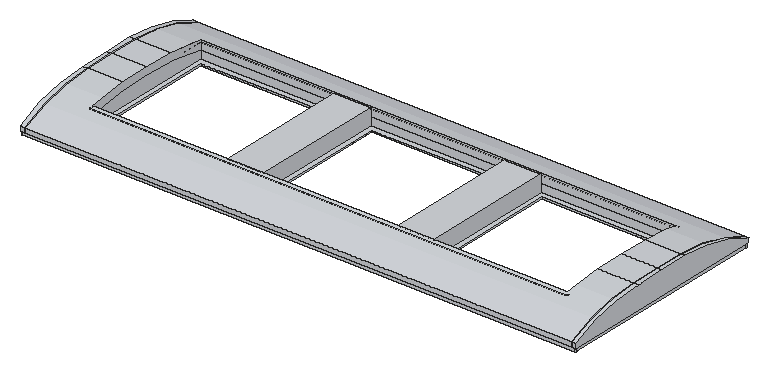
Revit family "Gira_021324", category Electrical Fixtures, host Face, Revit 2017
Family settings
  Host = Face
  Maintain Annotation Orientation = No
  Round Connector Dimension = Use Diameter
  Part Type = Normal
  Cut with Voids When Loaded = No
  Shared = No
  Room Calculation Point = No
Parameters (values of type "Cov.fr. 3-g interm.fr. AN Gira Event Opaque white")
  With mounting grid = "No"
  With hinged lid = "No"
  URL = "http://katalog.gira.de/en/datenblatt.html?artikelnr=021324"
  Type of fastening = "Clamp mounting"
  Transparent = "No"
  Surface protection = "Other"
  Suitable for wall duct = "No"
  Suitable for flush-mounted installation = "Yes"
  Suitable for floor box = "No"
  Suitable for built-in installation = "No"
  Number of units vertical = "3"
  Number of units horizontal = "3"
  Number of units = "3"
  Name = "Cov.fr. 3-g interm.fr. AN Gira Event Opaque white"
  Mounting direction = "Horizontal and vertical"
  Material quality = "Thermoplastic"
  Material = "Plastic"
  Manufacturer URL = "https://www.gira.de/"
  Manufacturer = "Gira"
  Label space/information surface = "No"
  Keynote = ""
  HeinzeBIM = "https://bimportal.heinze.de/bim/cov-fr-3-g-interm-fr-an-gira-event-opaque-white/7ab05d67635cae77456a9cd6bd46cb4e2ae89e3b"
  Halogen free = "Yes"
  HAN = "021324"
  GTIN = "4010337213246"
  Description = "Cov.fr.3g i.fr.AN EvOp WH,Gira Event Opaque frames,white with anthracite intermediate frame,3-gang,Features:,- Shatter-proof."
  Degree of protection (IP) = "IP21"
  Default Elevation = 1219.2 mm
  Data sheet (1) = "https://katalog.gira.de/en/download.html?artikelnr=021324"
  Colour = "White"
  Category = "Cover frame for domestic switching devices"
  BIM (1) = "https://media.stage.bim.site/public/gira/36a6b08/Event_Rahmen_3fach.rfa"
  Available = "No"
Reference planes
  plane 1 "Center (Front/Back)": y = 0
  plane 2: z = 0
  plane 3 "Center (Left/Right)": x = 0
Forms (mm)
  Extrusion 1, solid, detail levels fine
    sketch origin (0, 0, 0.05) x (0, 1, 0) y (0, 0, 1)
      loop
        arc (12.445, 9.683) -> (6.223, 9.833) -> (0, 9.85) r 291.636
        arc (0, 9.85) -> (-6.223, 9.833) -> (-12.445, 9.683) r 291.636
        arc (-12.445, 9.683) -> (-29.14, 7.482) -> (-45, 1.823) r 79.728
        line (-45, 1.823) -> (-45, -0.05) -> (-42.086, -0.05)
        arc (-42.086, -0.05) -> (-21.385, 5.559) -> (0, 7.206) r 114.424
        arc (0, 7.206) -> (21.385, 5.559) -> (42.086, -0.05) r 114.424
        line (42.086, -0.05) -> (45, -0.05) -> (45, 1.823)
        arc (45, 1.823) -> (29.14, 7.482) -> (12.445, 9.683) r 79.728
    from -114.3 to 114.3
  Extrusion 2, void, detail levels fine
    sketch origin (0, 0, 0) x (1, 0, 0) y (0, 1, 0)
      loop
        line (-99.355, -28.053) -> (99.355, -28.053) -> (99.355, 28.053) -> (-99.355, 28.053) -> (-99.355, -28.053)
    from 0.724 to 11
  Extrusion 3, solid, detail levels coarse
    sketch origin (0, 0, 0) x (1, 0, 0) y (0, 1, 0)
      loop
        line (-116.3, 45) -> (-116.3, -45) -> (116.3, -45) -> (116.3, 45) -> (-116.3, 45)
    from -1.5 to 9.9
  Extrusion 4, solid, detail levels medium
    sketch origin (0, 0, 0.05) x (0, 1, 0) y (0, 0, 1)
      loop
        arc (12.445, 9.683) -> (6.223, 9.833) -> (0, 9.85) r 291.636
        arc (0, 9.85) -> (-6.223, 9.833) -> (-12.445, 9.683) r 291.636
        arc (-12.445, 9.683) -> (-29.14, 7.482) -> (-45, 1.823) r 79.728
        line (-45, 1.823) -> (-45, -0.05) -> (45, -0.05) -> (45, 1.823)
        arc (45, 1.823) -> (29.14, 7.482) -> (12.445, 9.683) r 79.728
    from -116.3 to 116.3
  Extrusion 5, solid, detail levels fine
    sketch origin (-71.3, 0, -1.5) x (0, 1, 0) y (0, 0, -1)
      loop
        line (45, -3.373) -> (45, -1.5) -> (-45, -1.5) -> (-45, -3.373)
        arc (-45, -3.373) -> (-29.14, -9.032) -> (-12.445, -11.233) r 79.728
        arc (-12.445, -11.233) -> (-6.223, -11.383) -> (0, -11.4) r 291.636
        arc (0, -11.4) -> (6.223, -11.383) -> (12.445, -11.233) r 291.636
        arc (12.445, -11.233) -> (29.14, -9.032) -> (45, -3.373) r 79.728
    from 43 to 45
  Extrusion 6, solid, detail levels fine
    sketch origin (0, 0, 0) x (1, 0, 0) y (0, 1, 0)
      loop
        line (-97.195, 25.7) -> (-97.195, -25.7) -> (-45.395, -25.7) -> (-45.395, 25.7) -> (-97.195, 25.7)
      loop
        line (25.9, -25.7) -> (25.9, 25.7) -> (-25.9, 25.7) -> (-25.9, -25.7) -> (25.9, -25.7)
      loop
        line (-100.19, 28.49) -> (-100.19, -28.495)
        spline (-100.19, -28.495) -> (-100.181, -28.625) -> (-100.156, -28.754) -> (-100.113, -28.878) -> (-100.056, -28.995) -> (-99.983, -29.104) -> (-99.897, -29.202) -> (-99.798, -29.288) -> (-99.69, -29.361) -> (-99.572, -29.419) -> (-99.448, -29.461) -> (-99.32, -29.486) -> (-99.19, -29.495)
        line (-99.19, -29.495) -> (99.195, -29.495)
        spline (99.195, -29.495) -> (99.325, -29.486) -> (99.454, -29.461) -> (99.578, -29.419) -> (99.695, -29.361) -> (99.804, -29.288) -> (99.902, -29.202) -> (99.988, -29.104) -> (100.061, -28.995) -> (100.119, -28.878) -> (100.161, -28.754) -> (100.186, -28.625) -> (100.195, -28.495)
        line (100.195, -28.495) -> (100.195, 28.49)
        spline (100.195, 28.49) -> (100.186, 28.62) -> (100.161, 28.748) -> (100.119, 28.872) -> (100.061, 28.99) -> (99.988, 29.098) -> (99.902, 29.197) -> (99.804, 29.283) -> (99.695, 29.356) -> (99.578, 29.413) -> (99.454, 29.456) -> (99.325, 29.481) -> (99.195, 29.49)
        line (99.195, 29.49) -> (-99.19, 29.49)
        spline (-99.19, 29.49) -> (-99.32, 29.481) -> (-99.448, 29.456) -> (-99.572, 29.413) -> (-99.69, 29.356) -> (-99.798, 29.283) -> (-99.897, 29.197) -> (-99.983, 29.098) -> (-100.056, 28.99) -> (-100.113, 28.872) -> (-100.156, 28.748) -> (-100.181, 28.62) -> (-100.19, 28.49)
      loop
        line (97.2, -25.7) -> (97.2, 25.7) -> (45.4, 25.7) -> (45.4, -25.7) -> (97.2, -25.7)
    from 0.1 to 7.3
  Extrusion 7, solid
    sketch origin (0, 0, 0) x (1, 0, 0) y (0, 1, 0)
      loop
        arc (-116, -44.2) -> (-115.854, -44.554) -> (-115.5, -44.7) r 0.5
        line (-115.5, -44.7) -> (115.5, -44.7)
        arc (115.5, -44.7) -> (115.854, -44.554) -> (116, -44.2) r 0.5
        line (116, -44.2) -> (116, 44.2)
        arc (116, 44.2) -> (115.854, 44.554) -> (115.5, 44.7) r 0.5
        line (115.5, 44.7) -> (-115.5, 44.7)
        arc (-115.5, 44.7) -> (-115.854, 44.554) -> (-116, 44.2) r 0.5
        line (-116, 44.2) -> (-116, -44.2)
      loop
        line (-114.3, 43) -> (-114.3, -43) -> (114.3, -43) -> (114.3, 43) -> (-114.3, 43)
    from -1.5 to 0.5
  Extrusion 8, solid, detail levels fine
    sketch origin (71.3, 0, -1.5) x (0, 1, 0) y (0, 0, 1)
      loop
        arc (45, 3.373) -> (29.14, 9.032) -> (12.445, 11.233) r 79.728
        arc (12.445, 11.233) -> (6.223, 11.383) -> (0, 11.4) r 291.636
        arc (0, 11.4) -> (-6.223, 11.383) -> (-12.445, 11.233) r 291.636
        arc (-12.445, 11.233) -> (-29.14, 9.032) -> (-45, 3.373) r 79.728
        line (-45, 3.373) -> (-45, 1.5) -> (45, 1.5) -> (45, 3.373)
    from 43 to 45
  Extrusion 9, solid, detail levels medium
    sketch origin (0, 0, 0) x (1, 0, 0) y (0, 1, 0)
      loop
        line (-116, -44.7) -> (116, -44.7) -> (116, 44.7) -> (-116, 44.7) -> (-116, -44.7)
    from -1.5 to 0.5
  Extrusion 10, solid, detail levels fine
    sketch origin (-34.207, 0, 0) x (1, 0, 0) y (0, 1, 0)
      loop
        line (-8.943, 28.063) -> (-8.943, -27.937) -> (6.057, -27.937) -> (6.057, 28.063) -> (-8.943, 28.063)
    from 0.724 to 7.566
  Extrusion 11, solid, detail levels fine
    sketch origin (34.207, 0, 0) x (-1, 0, 0) y (0, -1, 0)
      loop
        line (-8.943, -28.063) -> (6.057, -28.063) -> (6.057, 27.937) -> (-8.943, 27.937) -> (-8.943, -28.063)
    from 0.724 to 7.566
Cuts and joins
  Extrusion 2 cuts Extrusion 1
  Extrusion 2 cuts Extrusion 6
Dimensions and locks
  aligned and locked: plane 2 to host face
  aligned and locked: level to host face
